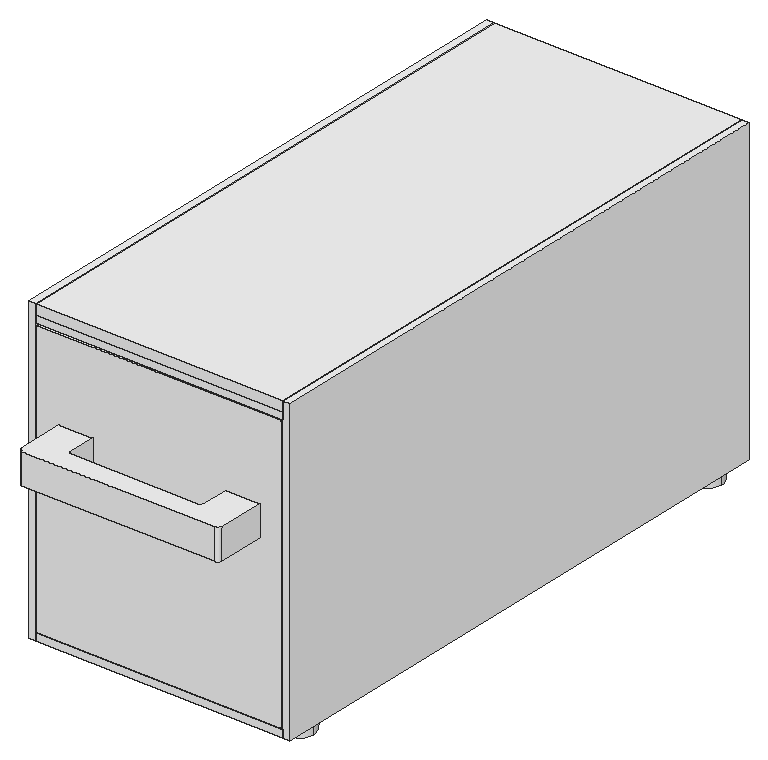
Revit family "QF_Vollrath_SBB13", category Specialty Equipment, Revit 2016
Family settings
  Part Type = Normal
  Round Connector Dimension = Use Diameter
  OmniClass Number = 23.40.40.00
  OmniClass Title = Food Service Equipment and Furnishings
  Work Plane-Based = Yes
  Always vertical = Yes
  Cut with Voids When Loaded = No
  Shared = No
  Room Calculation Point = No
Parameters
  Width = 6 3/8"
  Weight in Pounds = 0
  Watermarked By = ""
  URL Cutsheet = ""
  Specification by User [instance] = ""
  Specification by Manufacturer [instance] = ""
  Serial Number [instance] = ""
  Revision Code [instance] = ""
  NAFEM Spec ID Number [instance] = ""
  Model = "SBB13"
  Masterspec [instance] = ""
  Manufacturer = "Vollrath"
  Item Number [instance] = "-"
  Installed By [instance] = ""
  Height = 7 3/8"
  Furnished By [instance] = ""
  Foodservice Equipment Identifier = yes
  Description = "1/3 Display Bin with Drawer"
  Depth = 14"
  Default Elevation = 48"
  CSI MasterFormat = ""
Reference planes (in)
  plane 1 "BACK": y = 0
  plane 2 "BOTTOM": z = 0
  plane 3 "LEFT": x = -16.56573
  plane 4 "RIGHT": x = -10.19073
  plane 5 "Front Inner": y = -14
  plane 6 "FRONT": y = -15.2462
  plane 7 "Bottom of Body": z = 0.38
  plane 8 "TOP": z = 7.755
  plane 9: z = 5.305
  plane 10 "Bottom Handle": z = 4.555
  plane 11 "Caster Left": x = -16.00573
  plane 12 "Caster Right": x = -10.75073
  plane 13 "Caster Back": y = -0.56
  plane 14 "Caster Front": y = -13
Forms (in)
  Extrusion 1, solid, material "QF_Plastic-White-Transparent"
    sketch origin (0, 0, 0) x (1, 0, 0) y (0, 0, 1)
      loop
        line (-16.56573, 7.755) -> (-16.56573, 0.38) -> (-16.39573, 0.38) -> (-16.39573, 7.755) -> (-16.56573, 7.755)
    from 0 to 14
  Extrusion 2, solid, material "QF_Plastic-White-Transparent"
    sketch origin (0, 0, 0) x (1, 0, 0) y (0, 0, 1)
      loop
        line (-10.19073, 7.755) -> (-10.36073, 7.755) -> (-10.36073, 0.38) -> (-10.19073, 0.38) -> (-10.19073, 7.755)
    from 0 to 14
  Extrusion 3, solid, material "QF_Plastic-White-Transparent"
    sketch origin (0, 0, 0) x (1, 0, 0) y (0, 0, 1)
      loop
        line (-16.39573, 0.38) -> (-10.36073, 0.38) -> (-10.36073, 0.55) -> (-16.39573, 0.55) -> (-16.39573, 0.38)
    from 0 to 14
  Extrusion 4, solid, material "QF_Plastic-White-Transparent"
    sketch origin (0, 0, 0) x (1, 0, 0) y (0, 0, 1)
      loop
        line (-16.39573, 7.755) -> (-16.39573, 7.505) -> (-10.36073, 7.505) -> (-10.36073, 7.755) -> (-16.39573, 7.755)
    from 0 to 14
  Extrusion 5, solid, material "QF_Plastic-White-Transparent"
    sketch origin (0, 0, 0) x (1, 0, 0) y (0, 0, 1)
      loop
        line (-16.39573, 7.505) -> (-16.39573, 7.335) -> (-10.36073, 7.335) -> (-10.36073, 7.505) -> (-16.39573, 7.505)
    from 0 to 14
  Extrusion 6, solid, material "QF_Plastic-White-Transparent"
    sketch origin (0, 0, 0) x (1, 0, 0) y (0, 0, 1)
      loop
        line (-10.36073, 7.335) -> (-16.39573, 7.335) -> (-16.39573, 0.55) -> (-10.36073, 0.55) -> (-10.36073, 7.335)
    from 0 to 0.17
  Extrusion 7, solid, material "QF_Plastic-White-Transparent"
    sketch origin (0, -14, 0) x (1, 0, 0) y (0, 0, 1)
      loop
        arc (-10.42073, 0.58) -> (-10.39951, 0.58879) -> (-10.39073, 0.61) r 0.03
        line (-10.39073, 0.61) -> (-10.39073, 7.275)
        arc (-10.39073, 7.275) -> (-10.39951, 7.29621) -> (-10.42073, 7.305) r 0.03
        line (-10.42073, 7.305) -> (-16.33573, 7.305)
        arc (-16.33573, 7.305) -> (-16.35694, 7.29621) -> (-16.36573, 7.275) r 0.03
        line (-16.36573, 7.275) -> (-16.36573, 0.61)
        arc (-16.36573, 0.61) -> (-16.35694, 0.58879) -> (-16.33573, 0.58) r 0.03
        line (-16.33573, 0.58) -> (-10.42073, 0.58)
    from 0 to -0.17
  Extrusion 8, solid, material "QF_Plastic-White-Transparent"
    sketch origin (0, -14, 0) x (1, 0, 0) y (0, 0, 1)
      loop
        line (-16.36573, 4.175) -> (-16.36573, 0.61)
        arc (-16.36573, 0.61) -> (-16.35694, 0.58879) -> (-16.33573, 0.58) r 0.03
        line (-16.33573, 0.58) -> (-10.42073, 0.58)
        arc (-10.42073, 0.58) -> (-10.39951, 0.58879) -> (-10.39073, 0.61) r 0.03
        line (-10.39073, 0.61) -> (-10.39073, 4.175) -> (-10.56073, 4.175) -> (-10.56073, 0.75) -> (-16.19573, 0.75) -> (-16.19573, 4.175) -> (-16.36573, 4.175)
    from -0.17 to -13.44
  Extrusion 9, solid, material "QF_Plastic-White-Transparent"
    sketch origin (0, -0.56, 0) x (1, 0, 0) y (0, 0, 1)
      loop
        line (-10.39073, 4.555) -> (-16.36573, 4.555) -> (-16.36573, 0.61)
        arc (-16.36573, 0.61) -> (-16.35694, 0.58879) -> (-16.33573, 0.58) r 0.03
        line (-16.33573, 0.58) -> (-10.42073, 0.58)
        arc (-10.42073, 0.58) -> (-10.39951, 0.58879) -> (-10.39073, 0.61) r 0.03
        line (-10.39073, 0.61) -> (-10.39073, 4.555)
    from 0 to -0.17
  Extrusion 10, solid, material "QF_Plastic-White-Transparent"
    sketch origin (0, 0, 4.555) x (0, 1, 0) y (-1, 0, 0)
      loop
        line (-14, 15.82573) -> (-15.1462, 15.82573)
        arc (-15.1462, 15.82573) -> (-15.21691, 15.79644) -> (-15.2462, 15.72573) r 0.1
        line (-15.2462, 15.72573) -> (-15.2462, 11.03073)
        arc (-15.2462, 11.03073) -> (-15.21691, 10.96001) -> (-15.1462, 10.93073) r 0.1
        line (-15.1462, 10.93073) -> (-14, 10.93073) -> (-14, 11.75073) -> (-14.6862, 11.75073)
        arc (-14.6862, 11.75073) -> (-14.72156, 11.76537) -> (-14.7362, 11.80073) r 0.05
        line (-14.7362, 11.80073) -> (-14.7362, 14.95573)
        arc (-14.7362, 14.95573) -> (-14.72156, 14.99108) -> (-14.6862, 15.00573) r 0.05
        line (-14.6862, 15.00573) -> (-14, 15.00573) -> (-14, 15.82573)
    from 0 to 0.75
  Blend 11, solid, material "QF_Plastic-White-Transparent"
    base sketch origin (0, 0, 0) x (1, 0, 0) y (0, 1, 0)
      loop
        circle (-16.00573, -0.56) r 0.35
    top sketch origin (0, 0, 0) x (1, 0, 0) y (0, 1, 0)
      loop
        circle (-16.00573, -0.56) r 0.38
    from 0 to 0.38
  Blend 12, solid, material "QF_Plastic-White-Transparent"
    base sketch origin (0, 0, 0) x (1, 0, 0) y (0, 1, 0)
      loop
        circle (-10.75073, -0.56) r 0.35
    top sketch origin (0, 0, 0) x (1, 0, 0) y (0, 1, 0)
      loop
        circle (-10.75073, -0.56) r 0.38
    from 0 to 0.38
  Blend 13, solid, material "QF_Plastic-White-Transparent"
    base sketch origin (0, 0, 0) x (1, 0, 0) y (0, 1, 0)
      loop
        circle (-16.00573, -13) r 0.35
    top sketch origin (0, 0, 0) x (1, 0, 0) y (0, 1, 0)
      loop
        circle (-16.00573, -13) r 0.38
    from 0 to 0.38
  Blend 14, solid, material "QF_Plastic-White-Transparent"
    base sketch origin (0, 0, 0) x (1, 0, 0) y (0, 1, 0)
      loop
        circle (-10.75073, -13) r 0.35
    top sketch origin (0, 0, 0) x (1, 0, 0) y (0, 1, 0)
      loop
        circle (-10.75073, -13) r 0.38
    from 0 to 0.38
Lines and regions (in)
  symbolic lines
    curve 1: line (-16.56573, 0, 0) -> (-10.19073, 0, 0)
    curve 2: line (-16.56573, -14, 0) -> (-16.56573, 0, 0)
    curve 3: line (-10.19073, -14, 0) -> (-16.56573, -14, 0)
    curve 4: line (-10.19073, 0, 0) -> (-10.19073, -14, 0)
    curve 5: line (-15.72573, -15.2462, 0) -> (-11.03073, -15.2462, 0)
    curve 6: line (-11.80073, -14.7362, 0) -> (-14.95573, -14.7362, 0)
    curve 7: line (-15.00573, -14.6862, 0) -> (-15.00573, -14, 0)
    curve 8: arc (-14.95573, -14.7362, 0) -> (-14.99108, -14.72156, 0) -> (-15.00573, -14.6862, 0) r 0.05
    curve 9: arc (-11.75073, -14.6862, 0) -> (-11.76537, -14.72156, 0) -> (-11.80073, -14.7362, 0) r 0.05
    curve 10: line (-11.75073, -14, 0) -> (-11.75073, -14.6862, 0)
    curve 11: arc (-15.82573, -15.1462, 0) -> (-15.79644, -15.21691, 0) -> (-15.72573, -15.2462, 0) r 0.1
    curve 12: line (-15.82573, -14, 0) -> (-15.82573, -15.1462, 0)
    curve 13: line (-10.93073, -15.1462, 0) -> (-10.93073, -14, 0)
    curve 14: arc (-11.03073, -15.2462, 0) -> (-10.96001, -15.21691, 0) -> (-10.93073, -15.1462, 0) r 0.1
Dimensions and locks (in)
  "Width": plane 3 "LEFT" to plane 4 "RIGHT"
  "Depth": plane 5 "Front Inner" to plane 1 "BACK"
  locked: plane 6 "FRONT" to plane 5 "Front Inner" at 1.2462
  locked: plane 7 "Bottom of Body" to plane 2 "BOTTOM" at 0.38
  "Height": plane 8 "TOP" to plane 7 "Bottom of Body"
  locked: plane 8 "TOP" to plane 9 at 2.45
  locked: plane 9 to plane 10 "Bottom Handle" at 0.75
  locked: plane 3 "LEFT" to plane 11 "Caster Left" at 0.56
  locked: plane 12 "Caster Right" to plane 4 "RIGHT" at 0.56
  locked: plane 13 "Caster Back" to plane 1 "BACK" at 0.56
  locked: plane 5 "Front Inner" to plane 14 "Caster Front" at 1
  locked: plane 3 "LEFT" to Extrusion 1 sketch curve at 0.17
  locked: Extrusion 2 sketch curve to plane 4 "RIGHT" at 0.17
  locked: Extrusion 3 sketch curve to plane 7 "Bottom of Body" at 0.17
  locked: plane 8 "TOP" to Extrusion 5 sketch curve at 0.42
  locked: plane 8 "TOP" to Extrusion 5 sketch curve at 0.25
  aligned and locked: level to plane 2 "BOTTOM"
  aligned and locked: Extrusion 1 sketch curve to plane 3 "LEFT"
  aligned and locked: plane 8 "TOP" to Extrusion 1 sketch curve
  aligned and locked: Extrusion 1 sketch curve to plane 7 "Bottom of Body"
  aligned and locked: Extrusion 2 sketch curve to plane 4 "RIGHT"
  aligned and locked: Extrusion 2 sketch curve to plane 7 "Bottom of Body"
  aligned and locked: plane 8 "TOP" to Extrusion 2 sketch curve
  aligned and locked: plane 5 "Front Inner" to Extrusion 1
  aligned and locked: plane 5 "Front Inner" to Extrusion 2
  aligned and locked: Extrusion 3 sketch curve to plane 7 "Bottom of Body"
  aligned and locked: Extrusion 3 sketch curve to Extrusion 1
  aligned and locked: Extrusion 3 sketch curve to Extrusion 2
  aligned and locked: Extrusion 4 sketch curve to plane 8 "TOP"
  aligned and locked: Extrusion 1 to Extrusion 4 sketch curve
  aligned and locked: Extrusion 4 sketch curve to Extrusion 2
  aligned and locked: Extrusion 1 to Extrusion 5 sketch curve
  aligned and locked: Extrusion 5 sketch curve to Extrusion 2
  aligned and locked: plane 5 "Front Inner" to Extrusion 4
  aligned and locked: plane 5 "Front Inner" to Extrusion 5
  aligned and locked: plane 5 "Front Inner" to Extrusion 3
  aligned and locked: Extrusion 6 sketch curve to Extrusion 5  (x2)
  aligned and locked: Extrusion 6 sketch curve to Extrusion 3  (x2)
  aligned and locked: Extrusion 9 sketch curve to plane 10 "Bottom Handle"
  aligned and locked: plane 5 "Front Inner" to Extrusion 10 sketch curve  (x2)
  aligned and locked: Extrusion 10 sketch curve to plane 6 "FRONT"
  aligned and locked: plane 9 to Extrusion 10
  aligned and locked: plane 7 "Bottom of Body" to Blend 11
  aligned and locked: plane 7 "Bottom of Body" to Blend 12
  aligned and locked: plane 7 "Bottom of Body" to Blend 13
  aligned and locked: plane 7 "Bottom of Body" to Blend 14
  aligned and locked: curve 1 to Extrusion 1
  aligned and locked: curve 2 to Extrusion 1
  aligned and locked: curve 3 to Extrusion 2
  aligned and locked: curve 4 to Extrusion 2
  aligned and locked: curve 5 to Extrusion 10
  aligned and locked: curve 6 to Extrusion 10
  aligned and locked: curve 7 to Extrusion 10
  aligned and locked: curve 10 to Extrusion 10
  aligned and locked: curve 12 to Extrusion 10
  aligned and locked: curve 13 to Extrusion 10
Automatic sketch dimensions
  Extrusion 4 sketch curve to Extrusion 4 sketch curve = 1/4"
  plane 3 "LEFT" to Extrusion 7 sketch curve = 0.2"
  Extrusion 7 sketch curve to Extrusion 7 sketch curve = 0.03"  (x3)
  Extrusion 7 sketch curve to plane 4 "RIGHT" = 0.23"  (x2)
  plane 7 "Bottom of Body" to Extrusion 7 sketch curve = 0.2"
  Extrusion 7 sketch curve to plane 8 "TOP" = 0.48"
  plane 3 "LEFT" to Extrusion 8 sketch curve = 0.2"
  Extrusion 8 sketch curve to Extrusion 8 sketch curve = 0.03"  (x2)
  Extrusion 8 sketch curve to plane 11 "Caster Left" = 0.19"
  plane 12 "Caster Right" to Extrusion 8 sketch curve = 0.19"
  Extrusion 8 sketch curve to Extrusion 8 sketch curve = 0.14"  (x2)
  plane 7 "Bottom of Body" to Extrusion 8 sketch curve = 0.2"
  Extrusion 8 sketch curve to plane 10 "Bottom Handle" = 0.38"  (x2)
  plane 3 "LEFT" to Extrusion 9 sketch curve = 0.2"
  Extrusion 9 sketch curve to plane 4 "RIGHT" = 0.2"
  plane 7 "Bottom of Body" to Extrusion 9 sketch curve = 0.23"
  Extrusion 9 sketch curve to Extrusion 9 sketch curve = 0.03"  (x2)
  Extrusion 10 sketch curve to plane 6 "FRONT" = 0.1"  (x2)
  Extrusion 10 sketch curve to plane 6 "FRONT" = 0.51"
  Extrusion 10 sketch curve to Extrusion 10 sketch curve = 0.05"  (x2)
  Extrusion 10 sketch curve to plane 12 "Caster Right" = 0.18"
  Extrusion 10 sketch curve to Extrusion 10 sketch curve = 0.72"
  plane 11 "Caster Left" to Extrusion 10 sketch curve = 1.05"
  plane 11 "Caster Left" to Extrusion 10 sketch curve = 0.28"
  Blend 11 sketch curve to plane 11 "Caster Left" = 0"  (x2)
  plane 13 "Caster Back" to Blend 11 sketch curve = 0"  (x2)
  Blend 12 sketch curve to plane 12 "Caster Right" = 0"  (x2)
  plane 13 "Caster Back" to Blend 12 sketch curve = 0"  (x2)
  Blend 13 sketch curve to plane 11 "Caster Left" = 0"  (x2)
  plane 14 "Caster Front" to Blend 13 sketch curve = 0"  (x2)
  Blend 14 sketch curve to plane 12 "Caster Right" = 0"  (x2)
  plane 14 "Caster Front" to Blend 14 sketch curve = 0"  (x2)
  curve 12 to curve 5 = 0.1"
  curve 6 to curve 10 = 0.05"
  curve 5 to curve 14 = 0.1"
  curve 6 to curve 8 = 0.05"
  radius of Blend 11 sketch curve = 0.35"
  radius of Blend 11 sketch curve = 0.38"
  radius of Blend 12 sketch curve = 0.35"
  radius of Blend 12 sketch curve = 0.38"
  radius of Blend 13 sketch curve = 0.35"
  radius of Blend 13 sketch curve = 0.38"
  radius of Blend 14 sketch curve = 0.35"
  radius of Blend 14 sketch curve = 0.38"
